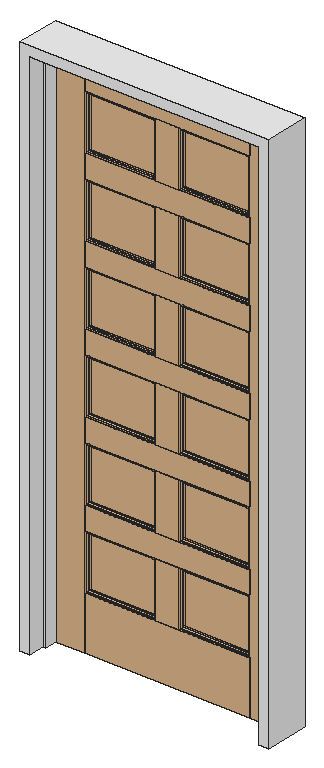
Revit family
Parameters (values of type "1 3/4" Flat Panel")
  URL = "http://www.karonadoor.com"
  Thickness Note = "Do not edit thickness."  # constant formula
  Thickness = 1.774"
  Swing Angle 2D = 90.00°
  SmartBIM Object Version = 1  # constant formula
  SmartBIM Object Created By = "Reed Construction Data"  # constant formula
  Rough Width = 0.000"
  Rough Height = 1.750"
  Panel = Panel_K3220_Karona : 1 3/4" - Flat Panel
  Model = "K3220 Ogee"  # constant formula
  Manufacturer = "Karona , Inc."  # constant formula
  Detail Door Thickness = 1.750"
  Assembly Code = ""
  Top Rail Height = 5.000"
  Top Rail = Wood, Cherry - Grain Horizontal
  Stile Width = 5.063"
  Stile = Wood, Cherry - Grain Vertical
  Sticking = Wood, Cherry - Grain Vertical
  Middle Rail = Wood, Cherry - Grain Horizontal
  Height = 84.000"
  Wall Closure = (empty or 0)
  Width = 36.000"
  Frame = Metal
  Bottom Rail Height = 8.500"
  Bottom Rail = Wood, Cherry - Grain Horizontal
  95 CSI = "08210"  # constant formula
  04 CSI = "08 14 33"  # constant formula
Types (9): name | Thickness | Rough Height | Panel | Detail Door Thickness
  1 3/4" Flat Panel | 1.774" | 1.750" | Panel_K3220_Karona : 1 3/4" - Flat Panel | 1.750"
  1 3/8" Flat Panel | 1.334" | 0.000" | Panel_K3220_Karona : 1 3/8" - Flat Panel | 1.375"
  2 1/4" Flat Panel | 2.250" | 0.000" | Panel_K3220_Karona : 2 1/4" - Flat Panel | 2.250"
  1 3/4" Glass Panel | 1.774" | 1.750" | Panel_K3220_Karona : 1 3/4" - Glass Panel | 1.750"
  1 3/8" Glass Panel | 1.334" | 0.000" | Panel_K3220_Karona : 1 3/8" - Glass Panel | 1.375"
  2 1/4" Glass Panel | 2.250" | 0.000" | Panel_K3220_Karona : 2 1/4" - Glass Panel | 2.250"
  1 3/4" Raised Panel | 1.774" | 1.750" | Panel_K3220_Karona : 1 3/4" - Raised Panel | 1.774"
  1 3/8" Raised Panel | 1.334" | 0.000" | Panel_K3220_Karona : 1 3/8" - Raised Panel | 1.375"
  2 1/4" Raised Panel | 2.250" | 0.000" | Panel_K3220_Karona : 2 1/4" - Raised Panel | 2.250"
Reference planes (in)
  plane 1 "Center (Front/Back)": y = 0
  plane 2 "Center (Left/Right)": x = 0
  plane 3 "Left": x = -18
  plane 4 "Right": x = 18
  plane 5 "Top": z = 84
  plane 6 "Exterior Edge of Frame": y = 3.5
  plane 7 "Interior Edge of Frame": y = -3.5
  plane 8: y = 1
  plane 9: y = -1
  plane 10 "Opening Left": x = -19.5
  plane 11 "Opening Right": x = 19.5
  plane 12 "Top of Opening": z = 85.5
  plane 13: x = -17.5
Forms (in)
  Sweep 1, solid, material "Metal" <- "Frame"
    path origin (0, 0, 0) x (1, 0, 0) y (0, 0, 1)
      loop
        line (-19.5, 0) -> (-19.5, 85.5) -> (19.5, 85.5) -> (19.5, 0)
    profile origin (-19.5, 0, 42.75) x (-1, 0, 0) y (0, -1, 0)
      loop
        line (0, -3.5) -> (0, 3.5) -> (-1.5, 3.5) -> (-1.5, 1) -> (-2, 1) -> (-2, -1) -> (-1.5, -1) -> (-1.5, -3.5) -> (0, -3.5)
Lines and regions (in)
  Opening 1
    outline origin (-90, -3, 0) x (1, 0, 0) y (0, 0, 1)
      loop
        line (70.5, 0) -> (109.5, 0) -> (109.5, 85.5) -> (70.5, 85.5) -> (70.5, 0)
  symbolic lines, style "Elevation Swing"
    curve 1: line (18, 3, 0) -> (-18, 3, 42)
    curve 2: line (-18, 3, 42) -> (18, 3, 84)
Text (in)
  text "Exterior" at (-46.13199, 20.20143, 0), in view "Ref. Level"
  text "Interior" at (-46.13199, -10.56751, 0), in view "Ref. Level"
  text "Exterior" at (0, 40.15149, 123.01588), in view "Right"
  text "Interior" at (0, -64.39139, 123.01588), in view "Right"
  text "Interior" at (0, -31.01599, 123.00693), in view "Left"
  text "Exterior" at (0, 54.57065, 123.00693), in view "Left"
Dimensions and locks (in)
  "Height": level to plane 5 "Top"
  "Width": plane 3 "Left" to plane 4 "Right"
  equal spacing: host wall, curve 2, plane 5 "Top"
  locked: host wall to plane 7 "Interior Edge of Frame" at 0.5
  locked: plane 6 "Exterior Edge of Frame" to host wall at 0.5
  locked: plane 9 to plane 7 "Interior Edge of Frame" at 2.5
  locked: plane 6 "Exterior Edge of Frame" to plane 8 at 2.5
  equal spacing: plane 3 "Left", plane 2 "Center (Left/Right)", plane 4 "Right"
  locked: plane 4 "Right" to plane 11 "Opening Right" at 1.5
  locked: plane 5 "Top" to plane 12 "Top of Opening" at 1.5
  locked: plane 3 "Left" to plane 13 at 0.5
  locked: plane 10 "Opening Left" to plane 3 "Left" at 1.5
  aligned and locked: Opening 1 sketch curve to level
  aligned and locked: plane 4 "Right" to curve 1
  aligned and locked: plane 3 "Left" to curve 1
  aligned and locked: plane 5 "Top" to curve 2
  aligned and locked: Opening 1 sketch curve to plane 11 "Opening Right"
  aligned and locked: plane 12 "Top of Opening" to Opening 1 sketch curve
  aligned and locked: Opening 1 sketch curve to plane 10 "Opening Left"
  aligned and locked: plane 10 "Opening Left" to Sweep 1 sketch curve
  aligned and locked: plane 12 "Top of Opening" to Sweep 1 sketch curve
  aligned and locked: plane 11 "Opening Right" to Sweep 1 sketch curve
  aligned and locked: level to Sweep 1 sketch curve  (x2)
  aligned and locked: Sweep 1 sketch curve to plane 10 "Opening Left"
  aligned and locked: Sweep 1 sketch curve to plane 6 "Exterior Edge of Frame"
  aligned and locked: Sweep 1 sketch curve to plane 7 "Interior Edge of Frame"
  aligned and locked: Sweep 1 sketch curve to plane 8
  aligned and locked: Sweep 1 sketch curve to plane 9
  aligned and locked: plane 13 to Sweep 1 sketch curve
  aligned and locked: plane 3 "Left" to Sweep 1 sketch curve  (x2)
  aligned and locked: nested 1 to plane 3 "Left"
  aligned and locked: nested 1 to plane 8
  aligned and locked: plane 2 "Center (Left/Right)" to nested 2
  aligned and locked: nested 2 to plane 8
Automatic sketch dimensions
  curve 1 to level = 0.000"
  curve 2 to plane 4 "Right" = 0.000"
Nested families (in)
  nested 1: "Door Panel Plan View" at (-31.5, 1, 0) x (-1, 0, 0) z (0, 0, 1), type "Door Panel Plan View"
    with Thickness 1.750", Height 84.000"
  nested 2: "Panel_K3220_Karona" at (13.5, 0.6575, 0), type <- "Panel", type "1 3/4" - Flat Panel"
    with Top Panel Offset 9.36458", Panel Height 8.72917", Height 84.000", Half Panel Height 4.36458", Cross Rail and Panel Spacing Start 6.17708", Cross Rail Panel Height 12.35417"
Definition of nested family "Panel_K3220_Karona"
  Parameters (values of type "1 3/4" - Raised Panel")
    Width = 48.000"
    Top Rail Material = Wood, Cherry - Grain Horizontal
    Top Rail Height = 5.000"
    Top Panel Offset = Top Rail Height + Half Panel Height  # 9.86458"
    Thickness Note = "Do not change door thickness"  # constant formula
    Thickness = 1.774"
    Stile Width = 5.069"
    Stile Material = Wood, Cherry - Grain Vertical
    Sticking Material = Wood, Cherry - Grain Vertical
    Panel Width = (Width - (2 * Stile Width) - (1 * Mullion Width)) / 2  # 17.1185"
    Panel Height = (Height - (Bottom Rail Height + Top Rail Height) - (5 * 3.625")) / 6  # 9.72917"
    Panel = Glass-Sticking-Assembly-Ogee_Karona : Raised Panel
    Mullion Width = 3.625"  # constant formula
    Interior Panel = Wood, Cherry - Grain Vertical
    Height = 90.000"
    Half Panel Width = 0.5 * Panel Width  # 8.55925"
    Half Panel Height = 0.5 * Panel Height  # 4.86458"
    Exterior Edge - Glass Bottom Offset = if(Thickness = 1.774", 0.567", if(Thickness = 2.250", 0.803", 0.469"))  # 0.567"
    Door Panel Material = Wood, Cherry - Grain Vertical
    Default Elevation = 0.000"  # constant formula
    Cross Rail and Panel Spacing Start = Half Panel Height + 0.5 * (3.625")  # 6.67708"
    Cross Rail Panel Height = Panel Height + 3.625"  # 13.35417"
    Bottom Rail Material = Wood, Cherry - Grain Horizontal
    Bottom Rail Height = 8.500"
    Assembly Code = ""
  Types (9): name | Width | Top Panel Offset | Thickness | Stile Width | Panel Width | Panel Height | Panel | Interior Panel | Height | Half Panel Width | Half Panel Height | Exterior Edge - Glass Bottom Offset | Cross Rail and Panel Spacing Start | Cross Rail Panel Height
    2 1/4" - Flat Panel | 36.000" | 9.03125" | 1.774" | 5.063" | 11.1245" | 8.0625" | Glass-Sticking-Assembly-Ogee_Karona : Flat Panel | Wood, Cherry - Grain Vertical | 80.000" | 5.56225" | 4.03125" | 0.567" | 5.84375" | 11.6875"
    2 1/4" - Glass Panel | 36.000" | 9.03125" | 2.250" | 5.063" | 11.1245" | 8.0625" | Glass-Sticking-Assembly-Ogee_Karona : Glass Panel | Glass | 80.000" | 5.56225" | 4.03125" | 0.803" | 5.84375" | 11.6875"
    2 1/4" - Raised Panel | 36.000" | 9.03125" | 2.250" | 5.063" | 11.1245" | 8.0625" | Glass-Sticking-Assembly-Ogee_Karona : Raised Panel | Wood, Cherry - Grain Vertical | 80.000" | 5.56225" | 4.03125" | 0.803" | 5.84375" | 11.6875"
    1 3/4" - Raised Panel | 48.000" | 9.86458" | 1.774" | 5.069" | 17.1185" | 9.72917" | Glass-Sticking-Assembly-Ogee_Karona : Raised Panel | Wood, Cherry - Grain Vertical | 90.000" | 8.55925" | 4.86458" | 0.567" | 6.67708" | 13.35417"
    1 3/4" - Flat Panel | 36.000" | 9.03125" | 1.774" | 5.063" | 11.1245" | 8.0625" | Glass-Sticking-Assembly-Ogee_Karona : Flat Panel | Wood, Cherry - Grain Vertical | 80.000" | 5.56225" | 4.03125" | 0.567" | 5.84375" | 11.6875"
    1 3/4" - Glass Panel | 36.000" | 9.03125" | 1.774" | 5.063" | 11.1245" | 8.0625" | Glass-Sticking-Assembly-Ogee_Karona : Glass Panel | Glass | 80.000" | 5.56225" | 4.03125" | 0.567" | 5.84375" | 11.6875"
    1 3/8" - Raised Panel | 36.000" | 9.03125" | 1.334" | 5.063" | 11.1245" | 8.0625" | Glass-Sticking-Assembly-Ogee_Karona : Raised Panel | Wood, Cherry - Grain Vertical | 80.000" | 5.56225" | 4.03125" | 0.469" | 5.84375" | 11.6875"
    1 3/8" - Glass Panel | 36.000" | 9.03125" | 1.334" | 5.063" | 11.1245" | 8.0625" | Glass-Sticking-Assembly-Ogee_Karona : Glass Panel | Glass | 80.000" | 5.56225" | 4.03125" | 0.469" | 5.84375" | 11.6875"
    1 3/8" - Flat Panel | 36.000" | 9.03125" | 1.334" | 5.063" | 11.1245" | 8.0625" | Glass-Sticking-Assembly-Ogee_Karona : Flat Panel | Wood, Cherry - Grain Horizontal | 80.000" | 5.56225" | 4.03125" | 0.469" | 5.84375" | 11.6875"
  Reference planes (in)
    plane 1 "Center (Front/Back)": y = 1.2295
    plane 2: z = 0
    plane 3 "Center (Left/Right)": x = -13.5
    plane 4 "Left": x = -37.5
    plane 5: x = 10.5
    plane 6 "Inner Left": x = -32.431
    plane 7 "Inner Right": x = 5.431
    plane 8: z = 8.5
    plane 9 "Bottom Of Top Rail": z = 85
    plane 10 "Top": z = 90
    plane 11 "Interior Edge of Door": y = 2.1165
    plane 12: z = 85
    plane 13 "Exterior Edge of Door": y = 0.3425
    plane 14 "Bottom of Glass": y = 0.9095
    plane 15 "Left Panel Vertical Midline": x = -23.87175
    plane 16 "Right Panel Vertical Midline": x = -3.12825
    plane 17 "Center of Left Vertical Mullion": x = -18.68588
    plane 18 "Center of Right Vertical Mullion": x = -8.31413
    plane 19 "Horizontal Midline Panel 2": z = 66.78125
    plane 20 "Horizontal Midline Panel 3": z = 53.42708
    plane 21 "Horizontal Midline Panel 4": z = 40.07292
    plane 22 "Horizontal Midline Panel 5": z = 26.71875
    plane 23 "Cross Rail 3": z = 46.75
    plane 24 "Cross Rail 4": z = 33.39583
    plane 25 "Cross Rail Bottom": z = 20.04167
    plane 26 "Horizontal Midline Panel 6": z = 13.36458
    plane 27: z = 80.13542
    plane 28 "Cross Rail 2": z = 60.10417
    plane 29 "Cross Rail Top": z = 73.45833
  Forms (in)
    Extrusion 1, solid, material "Wood, Cherry - Grain Horizontal" <- "Bottom Rail Material"
      sketch origin (0, -101.3125, 0) x (1, 0, 0) y (0, 0, 1)
        loop
          line (-32.431, 0) -> (5.431, 0) -> (5.431, 8.5) -> (-32.431, 8.5) -> (-32.431, 0)
      from -103.429 to -101.655
    Extrusion 2, solid, material "Wood, Cherry - Grain Vertical" <- "Stile Material"
      sketch origin (0, 1.2295, 0) x (1, 0, 0) y (0, 0, 1)
        loop
          line (-37.5, 90) -> (-37.5, 0) -> (-32.431, 0) -> (-32.431, 90) -> (-37.5, 90)
        loop
          line (5.431, 0) -> (10.5, 0) -> (10.5, 90) -> (5.431, 90) -> (5.431, 0)
      from -0.887 to 0.887
    Extrusion 3, solid, material "Wood, Cherry - Grain Horizontal" <- "Top Rail Material"
      sketch origin (0, 1.2295, 0) x (1, 0, 0) y (0, 0, 1)
        loop
          line (-32.431, 90) -> (-32.431, 85) -> (5.431, 85) -> (5.431, 90) -> (-32.431, 90)
      from -0.887 to 0.887
    Extrusion 4, solid, material "Wood, Cherry - Grain Vertical" <- "Stile Material"
      sketch origin (0, 1.2295, 0) x (1, 0, 0) y (0, 0, 1)
        loop
          line (-15.3125, 8.5) -> (-11.6875, 8.5) -> (-11.6875, 18.22867) -> (-15.3125, 18.22867) -> (-15.3125, 8.5)
        loop
          line (-15.3125, 85) -> (-15.3125, 75.27133) -> (-11.6875, 75.27133) -> (-11.6875, 85) -> (-15.3125, 85)
        loop
          line (-15.3125, 61.91717) -> (-11.6875, 61.91717) -> (-11.6875, 71.64533) -> (-15.3125, 71.64533) -> (-15.3125, 61.91717)
        loop
          line (-15.3125, 48.563) -> (-11.6875, 48.563) -> (-11.6875, 58.29117) -> (-15.3125, 58.29117) -> (-15.3125, 48.563)
        loop
          line (-15.3125, 35.20883) -> (-11.6875, 35.20883) -> (-11.6875, 44.937) -> (-15.3125, 44.937) -> (-15.3125, 35.20883)
        loop
          line (-15.3125, 21.85467) -> (-11.6875, 21.85467) -> (-11.6875, 31.58283) -> (-15.3125, 31.58283) -> (-15.3125, 21.85467)
      from -0.887 to 0.887
    Extrusion 5, solid, material "Wood, Cherry - Grain Horizontal" <- "Top Rail Material"
      sketch origin (0, 1.2295, 0) x (1, 0, 0) y (0, 0, 1)
        loop
          line (-32.431, 75.27133) -> (-32.431, 71.64533) -> (5.431, 71.64533) -> (5.431, 75.27133) -> (-32.431, 75.27133)
        loop
          line (5.431, 18.22867) -> (5.431, 21.85467) -> (-32.431, 21.85467) -> (-32.431, 18.22867) -> (5.431, 18.22867)
        loop
          line (5.431, 31.58283) -> (5.431, 35.20883) -> (-32.431, 35.20883) -> (-32.431, 31.58283) -> (5.431, 31.58283)
        loop
          line (5.431, 44.937) -> (5.431, 48.563) -> (-32.431, 48.563) -> (-32.431, 44.937) -> (5.431, 44.937)
        loop
          line (5.431, 58.29117) -> (5.431, 61.91717) -> (-32.431, 61.91717) -> (-32.431, 58.29117) -> (5.431, 58.29117)
      from -0.887 to 0.887
  Text (in)
    text "EXTERIOR" at (-34.59289, -1.27941, 0), in view "Ref. Level"
    text "EXTERIOR" at (0, -9.65287, 72.76687), in view "Left"
    text "EXTERIOR" at (0, -33.33473, 96.68074), in view "Right"
  Dimensions and locks (in)
    equal spacing: plane 4 "Left", plane 3 "Center (Left/Right)", plane 5
    "Width": plane 4 "Left" to plane 5
    "Stile Width": plane 4 "Left" to plane 6 "Inner Left"
    "Stile Width": plane 5 to plane 7 "Inner Right"
    "Bottom Rail Height": plane 8 to plane 2
    "Top Rail Height": plane 10 "Top" to plane 9 "Bottom Of Top Rail"
    "Height": plane 10 "Top" to plane 2
    equal spacing: plane 11 "Interior Edge of Door", plane 1 "Center (Front/Back)", plane 13 "Exterior Edge of Door"
    "Thickness": plane 11 "Interior Edge of Door" to plane 13 "Exterior Edge of Door"
    "Exterior Edge - Glass Bottom Offset": plane 14 "Bottom of Glass" to plane 13 "Exterior Edge of Door"
    "Exterior Edge - Glass Bottom Offset": plane 13 "Exterior Edge of Door" to plane 14 "Bottom of Glass"
    "Half Panel Width": plane 15 "Left Panel Vertical Midline" to plane 6 "Inner Left"
    "Half Panel Width": plane 7 "Inner Right" to plane 16 "Right Panel Vertical Midline"
    equal spacing: plane 3 "Center (Left/Right)", plane 17 "Center of Left Vertical Mullion", plane 15 "Left Panel Vertical Midline"
    equal spacing: plane 16 "Right Panel Vertical Midline", plane 18 "Center of Right Vertical Mullion", plane 3 "Center (Left/Right)"
    "Half Panel Height": plane 26 "Horizontal Midline Panel 6" to plane 8
    "Cross Rail and Panel Spacing Start": plane 25 "Cross Rail Bottom" to plane 26 "Horizontal Midline Panel 6"
    "Cross Rail Panel Height": plane 24 "Cross Rail 4" to plane 25 "Cross Rail Bottom"
    "Cross Rail Panel Height": plane 23 "Cross Rail 3" to plane 24 "Cross Rail 4"
    "Cross Rail Panel Height": plane 28 "Cross Rail 2" to plane 23 "Cross Rail 3"
    "Cross Rail Panel Height": plane 29 "Cross Rail Top" to plane 28 "Cross Rail 2"
    equal spacing: Extrusion 5 sketch curve, plane 29 "Cross Rail Top", Extrusion 5 sketch curve
    equal spacing: Extrusion 5 sketch curve, plane 28 "Cross Rail 2", Extrusion 5 sketch curve
    equal spacing: Extrusion 5 sketch curve, plane 23 "Cross Rail 3", Extrusion 5 sketch curve
    equal spacing: Extrusion 5 sketch curve, plane 24 "Cross Rail 4", Extrusion 5 sketch curve
    equal spacing: Extrusion 5 sketch curve, plane 25 "Cross Rail Bottom", Extrusion 5 sketch curve
    locked: Extrusion 5 sketch curve to Extrusion 5 sketch curve at 3.626  (x5)
    equal spacing: plane 24 "Cross Rail 4", plane 22 "Horizontal Midline Panel 5", plane 25 "Cross Rail Bottom"
    equal spacing: plane 23 "Cross Rail 3", plane 21 "Horizontal Midline Panel 4", plane 24 "Cross Rail 4"
    equal spacing: plane 28 "Cross Rail 2", plane 20 "Horizontal Midline Panel 3", plane 23 "Cross Rail 3"
    equal spacing: plane 29 "Cross Rail Top", plane 19 "Horizontal Midline Panel 2", plane 28 "Cross Rail 2"
    "Cross Rail and Panel Spacing Start": plane 27 to plane 29 "Cross Rail Top"
    locked: Extrusion 4 sketch curve to Extrusion 4 sketch curve at 3.625
    aligned and locked: Extrusion 1 to plane 2
    aligned and locked: plane 11 "Interior Edge of Door" to Extrusion 1
    aligned and locked: plane 4 "Left" to Extrusion 2 sketch curve
    aligned and locked: Extrusion 2 sketch curve to plane 10 "Top"
    aligned and locked: Extrusion 2 sketch curve to Extrusion 1  (x3)
    aligned and locked: Extrusion 1 to Extrusion 2 sketch curve
    aligned and locked: plane 10 "Top" to Extrusion 2 sketch curve
    aligned and locked: plane 5 to Extrusion 2 sketch curve
    aligned and locked: plane 11 "Interior Edge of Door" to Extrusion 2
    aligned and locked: Extrusion 2 to Extrusion 3 sketch curve
    aligned and locked: Extrusion 3 sketch curve to Extrusion 2
    aligned and locked: plane 11 "Interior Edge of Door" to Extrusion 3
    aligned and locked: plane 12 to plane 9 "Bottom Of Top Rail"
    aligned and locked: level to plane 2
    aligned and locked: Extrusion 3 to plane 13 "Exterior Edge of Door"
    aligned and locked: Extrusion 3 to plane 11 "Interior Edge of Door"
    aligned and locked: Extrusion 2 to plane 13 "Exterior Edge of Door"
    aligned and locked: Extrusion 3 to plane 12
    aligned and locked: Extrusion 1 to Extrusion 2
    aligned and locked: nested 1 to plane 1 "Center (Front/Back)"
    aligned and locked: nested 1 to plane 15 "Left Panel Vertical Midline"
    aligned and locked: nested 2 to plane 1 "Center (Front/Back)"
    aligned and locked: nested 2 to plane 16 "Right Panel Vertical Midline"
    aligned and locked: Extrusion 4 sketch curve to plane 12
    aligned and locked: Extrusion 4 sketch curve to plane 8
    aligned and locked: plane 11 "Interior Edge of Door" to Extrusion 4
    aligned and locked: Extrusion 4 to plane 13 "Exterior Edge of Door"
    aligned and locked: Extrusion 5 sketch curve to plane 6 "Inner Left"
    aligned and locked: Extrusion 5 sketch curve to plane 7 "Inner Right"
    aligned and locked: plane 11 "Interior Edge of Door" to Extrusion 5
    aligned and locked: Extrusion 5 to plane 13 "Exterior Edge of Door"
    aligned and locked: plane 26 "Horizontal Midline Panel 6" to nested 1
    aligned and locked: plane 27 to nested 3
    aligned and locked: plane 15 "Left Panel Vertical Midline" to nested 3
    aligned and locked: plane 27 to nested 4
    aligned and locked: plane 16 "Right Panel Vertical Midline" to nested 4
    aligned and locked: plane 19 "Horizontal Midline Panel 2" to nested 11
    aligned and locked: plane 19 "Horizontal Midline Panel 2" to nested 12
    aligned and locked: plane 16 "Right Panel Vertical Midline" to nested 12
    aligned and locked: plane 16 "Right Panel Vertical Midline" to nested 10
    aligned and locked: plane 16 "Right Panel Vertical Midline" to nested 8
    aligned and locked: plane 16 "Right Panel Vertical Midline" to nested 6
    aligned and locked: plane 20 "Horizontal Midline Panel 3" to nested 10
    aligned and locked: plane 20 "Horizontal Midline Panel 3" to nested 9
    aligned and locked: plane 21 "Horizontal Midline Panel 4" to nested 7
    aligned and locked: plane 21 "Horizontal Midline Panel 4" to nested 8
    aligned and locked: plane 22 "Horizontal Midline Panel 5" to nested 5
    aligned and locked: plane 22 "Horizontal Midline Panel 5" to nested 6
    aligned and locked: plane 15 "Left Panel Vertical Midline" to nested 11
    aligned and locked: plane 15 "Left Panel Vertical Midline" to nested 9
    aligned and locked: plane 15 "Left Panel Vertical Midline" to nested 7
    aligned and locked: plane 15 "Left Panel Vertical Midline" to nested 5
    aligned and locked: plane 26 "Horizontal Midline Panel 6" to nested 2
  Automatic sketch dimensions
    Extrusion 1 sketch curve to plane 6 "Inner Left" = 0.000"
    Extrusion 1 sketch curve to plane 7 "Inner Right" = 0.000"
    Extrusion 1 sketch curve to level = 0.000"
    Extrusion 1 sketch curve to plane 8 = 0.000"
    Extrusion 3 sketch curve to plane 7 "Inner Right" = 0.000"
    plane 9 "Bottom Of Top Rail" to Extrusion 3 sketch curve = 0.000"
    Extrusion 5 sketch curve to plane 7 "Inner Right" = 0.000"  (x4)
    Extrusion 5 sketch curve to plane 6 "Inner Left" = 0.000"  (x4)
    plane 24 "Cross Rail 4" to Extrusion 4 sketch curve = 1.813"
    Extrusion 4 sketch curve to plane 23 "Cross Rail 3" = 1.813"
    plane 23 "Cross Rail 3" to Extrusion 4 sketch curve = 1.813"
    plane 28 "Cross Rail 2" to Extrusion 4 sketch curve = 1.813"
    plane 29 "Cross Rail Top" to Extrusion 4 sketch curve = 1.813"
    Extrusion 4 sketch curve to plane 28 "Cross Rail 2" = 1.813"
    plane 25 "Cross Rail Bottom" to Extrusion 4 sketch curve = 1.813"
    Extrusion 4 sketch curve to plane 25 "Cross Rail Bottom" = 1.813"
    Extrusion 4 sketch curve to plane 24 "Cross Rail 4" = 1.813"
    Extrusion 4 sketch curve to plane 29 "Cross Rail Top" = 1.813"
    Extrusion 4 sketch curve to plane 3 "Center (Left/Right)" = 1.8125"  (x6)
    plane 3 "Center (Left/Right)" to Extrusion 4 sketch curve = 1.8125"  (x5)
  Nested families (in)
    nested 1: "Glass-Sticking-Assembly-Ogee_Karona" at (-24.3405, 1.38, 8.5), Width <- "Panel Width", Height <- "Panel Height", type <- "Panel", type "Raised Panel"
      with Width 17.1185", Height 9.72917", Door Thickness 1.774", C 0.131", B 0.567", A 0.128"
    nested 2: "Glass-Sticking-Assembly-Ogee_Karona" at (-3.597, 1.38, 8.5), Width <- "Panel Width", Height <- "Panel Height", type <- "Panel", type "Raised Panel"
      with Width 17.1185", Height 9.72917", Door Thickness 1.774", C 0.131", B 0.567", A 0.128"
    nested 3: "Glass-Sticking-Assembly-Ogee_Karona" at (-24.3405, 1.382, 75.27083), Width <- "Panel Width", Height <- "Panel Height", type <- "Panel", type "Raised Panel"
      with Width 17.1185", Height 9.72917", Door Thickness 1.774", C 0.131", B 0.567", A 0.128"
    nested 4: "Glass-Sticking-Assembly-Ogee_Karona" at (-3.597, 1.382, 75.27083), Width <- "Panel Width", Height <- "Panel Height", type <- "Panel", type "Raised Panel"
      with Width 17.1185", Height 9.72917", Door Thickness 1.774", C 0.131", B 0.567", A 0.128"
    nested 5: "Glass-Sticking-Assembly-Ogee_Karona" at (-24.3405, 1.3804, 21.85417), Width <- "Panel Width", Height <- "Panel Height", type <- "Panel", type "Raised Panel"
      with Width 17.1185", Height 9.72917", Door Thickness 1.774", C 0.131", B 0.567", A 0.128"
    nested 6: "Glass-Sticking-Assembly-Ogee_Karona" at (-3.597, 1.3804, 21.85417), Width <- "Panel Width", Height <- "Panel Height", type <- "Panel", type "Raised Panel"
      with Width 17.1185", Height 9.72917", Door Thickness 1.774", C 0.131", B 0.567", A 0.128"
    nested 7: "Glass-Sticking-Assembly-Ogee_Karona" at (-24.3405, 1.3808, 35.20833), Width <- "Panel Width", Height <- "Panel Height", type <- "Panel", type "Raised Panel"
      with Width 17.1185", Height 9.72917", Door Thickness 1.774", C 0.131", B 0.567", A 0.128"
    nested 8: "Glass-Sticking-Assembly-Ogee_Karona" at (-3.597, 1.3808, 35.20833), Width <- "Panel Width", Height <- "Panel Height", type <- "Panel", type "Raised Panel"
      with Width 17.1185", Height 9.72917", Door Thickness 1.774", C 0.131", B 0.567", A 0.128"
    nested 9: "Glass-Sticking-Assembly-Ogee_Karona" at (-24.3405, 1.3812, 48.5625), Width <- "Panel Width", Height <- "Panel Height", type <- "Panel", type "Raised Panel"
      with Width 17.1185", Height 9.72917", Door Thickness 1.774", C 0.131", B 0.567", A 0.128"
    nested 10: "Glass-Sticking-Assembly-Ogee_Karona" at (-3.597, 1.3812, 48.5625), Width <- "Panel Width", Height <- "Panel Height", type <- "Panel", type "Raised Panel"
      with Width 17.1185", Height 9.72917", Door Thickness 1.774", C 0.131", B 0.567", A 0.128"
    nested 11: "Glass-Sticking-Assembly-Ogee_Karona" at (-24.3405, 1.3816, 61.91667), Width <- "Panel Width", Height <- "Panel Height", type <- "Panel", type "Raised Panel"
      with Width 17.1185", Height 9.72917", Door Thickness 1.774", C 0.131", B 0.567", A 0.128"
    nested 12: "Glass-Sticking-Assembly-Ogee_Karona" at (-3.597, 1.3816, 61.91667), Width <- "Panel Width", Height <- "Panel Height", type <- "Panel", type "Raised Panel"
      with Width 17.1185", Height 9.72917", Door Thickness 1.774", C 0.131", B 0.567", A 0.128"
  Definition of nested family "Glass-Sticking-Assembly-Ogee_Karona"
    Parameters (values of type "Glass Panel")
      Width [instance] = 5.000"
      Vertical Profile Offset = if(Glass Panel, 0.490", 0.100")  # 0.490"
      Stop Adjustment = if(and(not(Glass Panel), Door Thickness = 1.774"), 0.513", if(and(not(Glass Panel), Door Thickness = 2.250"), 0.513", if((Glass Panel), 0.125", 0.273")))  # 0.125"
      Profile = Wood, Cherry - Grain Vertical
      Height [instance] = 23.000"
      Raised Panel = no
      Interior Panel = Glass
      Glass Panel = yes
      Door Thickness = 1.334"
      C = if(Door Thickness = 1.774", 0.131", if(Door Thickness = 2.250", 0.370", 0.093"))  # 0.093"
      B = if(Door Thickness = 1.774", 0.567", if(Door Thickness = 2.250", 0.803", 0.469"))  # 0.469"
      Assembly Code = ""
      A = if(Door Thickness = 1.774", 0.128", if(Door Thickness = 2.250", 0.364", 0.095"))  # 0.095"
    Types (3): name | Width | Vertical Profile Offset | Stop Adjustment | Raised Panel | Interior Panel | Glass Panel | Door Thickness | C | B | A
      Glass Panel | 5.000" | 0.490" | 0.125" | no | Glass | yes | 1.334" | 0.093" | 0.469" | 0.095"
      Flat Panel | 4.500" | 0.100" | 0.513" | no | Wood, Cherry - Grain Vertical | no | 2.250" | 0.370" | 0.803" | 0.364"
      Raised Panel | 4.000" | 0.100" | 0.513" | yes | Wood, Cherry - Grain Vertical | no | 2.250" | 0.370" | 0.803" | 0.364"
    Reference planes (in)
      plane 1 "Stop Adjustment Edge": y = -0.3455
      plane 2: z = 0
      plane 3 "Center (Left/Right)": x = 0.46875
      plane 4 "Back": y = 0.3945
      plane 5 "Front": y = -0.9395
      plane 6 "Left": x = -2.03125
      plane 7 "Right": x = 2.96875
      plane 8 "Top": z = 23
      plane 9 "Center (Up/Down)": z = 11.5
      plane 10 "Bottom of Stop": y = -0.2205
      plane 11 "Bottom of Glass": y = -0.4705
      plane 12 "Right Edge of Glass": x = 2.91875
      plane 13 "Left Edge of Glass": x = -1.98125
      plane 14 "Top Edge of Glass": z = 22.90625
      plane 15 "Bottom Edge of Glass": z = 0.09375
      plane 16: x = 2.84375
      plane 17 "A": y = -0.8445
      plane 18 "C": y = 0.3015
      plane 19 "Bottom Cut Line": z = 0.438
      plane 20 "Top Cut Line": z = 22.562
      plane 21 "Cut Vertical Left": x = -1.59325
      plane 22 "Cut Vertical": x = 2.53075
      plane 23 "Center (Front/Back)": y = -0.2725
    Forms (in)
      Sweep 1, solid, material "Wood, Cherry - Grain Vertical" <- "Profile"
        path origin (0, -0.3455, 0) x (1, 0, 0) y (0, 0, 1)
          loop
            line (2.96875, 23) -> (-2.03125, 23) -> (-2.03125, 0) -> (2.96875, 0) -> (2.96875, 23)
        profile origin (2.96875, -0.3455, 11.5) x (0, -1, 0) y (1, 0, 0)
          loop
            line (-0.647, 0) -> (-0.647, -0.438) -> (-0.125, -0.438) -> (-0.125, -0.05) -> (0.125, -0.05) -> (0.125, -0.438) -> (0.499, -0.438) -> (0.499, 0) -> (-0.647, 0)
      Extrusion 2, solid, material "Glass" <- "Interior Panel"
        sketch origin (0, 0, 0) x (1, 0, 0) y (0, 1, 0)
          loop
            line (-1.98125, -0.2205) -> (-1.98125, -0.4705) -> (2.91875, -0.4705) -> (2.91875, -0.2205) -> (-1.98125, -0.2205)
        from 0.09375 to 22.90625
      Extrusion 3, solid, material "Wood, Cherry - Grain Vertical" <- "Profile", visible <- "Raised Panel"
        sketch origin (0, 0, 0) x (1, 0, 0) y (0, 1, 0)
          loop
            line (2.53075, 0.3015) -> (-1.59325, 0.3015) -> (-1.59325, -0.2205) -> (2.53075, -0.2205) -> (2.53075, 0.3015)
          loop
            line (-1.59325, -0.4705) -> (-1.59325, -0.8445) -> (2.53075, -0.8445) -> (2.53075, -0.4705) -> (-1.59325, -0.4705)
        from 0.438 to 22.562
      Sweep 4, void
        path origin (0, -0.2205, 0) x (-1, 0, 0) y (0, 0, 1)
          loop
            line (2.03125, 0) -> (2.03125, 23) -> (-2.96875, 23) -> (-2.96875, 0) -> (2.03125, 0)
        profile "Profile : 05" origin (-2.03125, -0.2205, 11.5) x (1, 0, 0) y (0, 1, 0)
          loop
            line (0, 0.49) -> (0.36169, 0.49096)
            arc (0.36169, 0.49096) -> (1.01257, 0.57642) -> (1.61934, 0.827) r 2.52143
            line (1.61934, 0.827) -> (0, 0.827) -> (0, 0.49)
      Sweep 5, void
        path origin (0, -0.4705, 0) x (-1, 0, 0) y (0, 0, 1)
          loop
            line (-2.96875, 23) -> (-2.96875, 0) -> (2.03125, 0) -> (2.03125, 23) -> (-2.96875, 23)
        profile "Profile : 05" origin (2.96875, -0.4705, 11.5) x (-1, 0, 0) y (0, 1, 0)
          loop
            line (0, -0.102) -> (0, -0.439) -> (1.61934, -0.439)
            arc (1.61934, -0.439) -> (1.01257, -0.18842) -> (0.36169, -0.10296) r 2.52143
            line (0.36169, -0.10296) -> (0, -0.102)
      Sweep 6, void
        path origin (0, 0.3015, 0) x (1, 0, 0) y (0, 0, 1)
          loop
            line (-1.59325, 0.438) -> (2.53075, 0.438) -> (2.53075, 22.562) -> (-1.59325, 22.562) -> (-1.59325, 0.438)
        profile "QuarterCircleCut : QuarterCircleCut" origin (2.53075, 0.3015, 11.5) x (-1, 0, 0) y (0, -1, 0)
          loop
            arc (0.3196, 0) -> (0.182, 0.057) -> (0.125, 0.1946) r 0.1946
            line (0.125, 0.1946) -> (0.125, 0.27745) -> (0, 0.27745) -> (0, 0) -> (0.3196, 0)
      Sweep 7, void
        path origin (0, -0.8445, 0) x (1, 0, 0) y (0, 0, 1)
          loop
            line (-1.59325, 0.438) -> (2.53075, 0.438) -> (2.53075, 22.562) -> (-1.59325, 22.562) -> (-1.59325, 0.438)
        profile "QuarterCircleCut : QuarterCircleCut" origin (2.53075, -0.8445, 11.5) x (-1, 0, 0) y (0, -1, 0)
          loop
            line (0.3196, 0) -> (0, 0) -> (0, -0.27745) -> (0.125, -0.27745) -> (0.125, -0.1946)
            arc (0.125, -0.1946) -> (0.182, -0.057) -> (0.3196, 0) r 0.1946
    Cuts and joins
      Sweep 4, Sweep 5, Sweep 7 cuts Extrusion 3
      Sweep 6, Sweep 7 cuts Sweep 1
    Text (in)
      text "INTERIOR" at (-14.3788, 3.49864, 0), in view "Ref. Level"
    Dimensions and locks (in)
      equal spacing: plane 6 "Left", plane 3 "Center (Left/Right)", plane 7 "Right"
      "Width": plane 6 "Left" to plane 7 "Right"
      "Door Thickness": plane 4 "Back" to plane 5 "Front"
      "Height": plane 8 "Top" to plane 2
      equal spacing: plane 8 "Top", plane 9 "Center (Up/Down)", level
      locked: plane 1 "Stop Adjustment Edge" to plane 11 "Bottom of Glass" at 0.125
      "Stop Adjustment": plane 10 "Bottom of Stop" to plane 1 "Stop Adjustment Edge"
      locked: plane 12 "Right Edge of Glass" to plane 7 "Right" at 0.05
      locked: plane 8 "Top" to plane 14 "Top Edge of Glass" at 0.09375
      locked: plane 15 "Bottom Edge of Glass" to level at 0.09375
      locked: plane 6 "Left" to plane 13 "Left Edge of Glass" at 0.05
      "B": plane 5 "Front" to plane 11 "Bottom of Glass"
      locked: plane 16 to plane 7 "Right" at 0.125
      "A": plane 5 "Front" to plane 17 "A"
      "C": plane 18 "C" to plane 4 "Back"
      plane 4 "Back" to Sweep 1 = 0.615"
      locked: plane 19 "Bottom Cut Line" to level at 0.438
      locked: plane 8 "Top" to plane 20 "Top Cut Line" at 0.438
      locked: plane 6 "Left" to plane 21 "Cut Vertical Left" at 0.438
      locked: plane 22 "Cut Vertical" to plane 7 "Right" at 0.438
      equal spacing: plane 4 "Back", plane 23 "Center (Front/Back)", plane 5 "Front"
      aligned and locked: Sweep 1 sketch curve to plane 7 "Right"
      aligned and locked: Sweep 1 sketch curve to plane 8 "Top"
      aligned and locked: Sweep 1 sketch curve to plane 6 "Left"
      aligned and locked: Sweep 1 sketch curve to level
      aligned and locked: plane 10 "Bottom of Stop" to Sweep 1 sketch curve
      aligned and locked: plane 11 "Bottom of Glass" to Sweep 1 sketch curve
      aligned and locked: Extrusion 2 sketch curve to plane 13 "Left Edge of Glass"
      aligned and locked: Extrusion 2 sketch curve to plane 10 "Bottom of Stop"
      aligned and locked: Extrusion 2 sketch curve to plane 11 "Bottom of Glass"
      aligned and locked: Extrusion 2 sketch curve to plane 12 "Right Edge of Glass"
      aligned and locked: plane 14 "Top Edge of Glass" to Extrusion 2
      aligned and locked: Extrusion 2 to plane 15 "Bottom Edge of Glass"
      aligned and locked: Extrusion 3 sketch curve to plane 18 "C"
      aligned and locked: Extrusion 3 sketch curve to plane 10 "Bottom of Stop"
      aligned and locked: Extrusion 3 sketch curve to plane 11 "Bottom of Glass"
      aligned and locked: Extrusion 3 sketch curve to plane 17 "A"
      aligned and locked: Extrusion 3 to plane 19 "Bottom Cut Line"
      aligned and locked: Extrusion 3 to plane 20 "Top Cut Line"
      aligned and locked: plane 12 "Right Edge of Glass" to Sweep 1 sketch curve
      aligned and locked: plane 22 "Cut Vertical" to Extrusion 3 sketch curve  (x2)
      aligned and locked: Extrusion 3 sketch curve to plane 21 "Cut Vertical Left"  (x2)
      aligned and locked: plane 22 "Cut Vertical" to Sweep 1 sketch curve
      aligned and locked: Sweep 5 sketch curve to plane 6 "Left"
      aligned and locked: plane 8 "Top" to Sweep 5 sketch curve
      aligned and locked: Sweep 5 sketch curve to plane 7 "Right"
      aligned and locked: level to Sweep 5 sketch curve
      aligned and locked: Sweep 4 sketch curve to plane 7 "Right"
      aligned and locked: plane 8 "Top" to Sweep 4 sketch curve
      aligned and locked: Sweep 4 sketch curve to plane 6 "Left"
      aligned and locked: level to Sweep 4 sketch curve
      aligned and locked: plane 18 "C" to Sweep 1 sketch curve
      aligned and locked: Sweep 6 sketch curve to plane 21 "Cut Vertical Left"
      aligned and locked: plane 22 "Cut Vertical" to Sweep 6 sketch curve
      aligned and locked: Sweep 6 sketch curve to plane 19 "Bottom Cut Line"
      aligned and locked: plane 20 "Top Cut Line" to Sweep 6 sketch curve
      aligned and locked: Sweep 1 sketch curve to plane 22 "Cut Vertical"
      aligned and locked: plane 17 "A" to Sweep 1 sketch curve
      aligned and locked: Sweep 7 sketch curve to plane 21 "Cut Vertical Left"
      aligned and locked: plane 20 "Top Cut Line" to Sweep 7 sketch curve
      aligned and locked: plane 22 "Cut Vertical" to Sweep 7 sketch curve
      aligned and locked: Sweep 7 sketch curve to plane 19 "Bottom Cut Line"
    Automatic sketch dimensions
      Sweep 1 sketch curve to profile plane = 0.000"
Definition of nested family "Door Panel Plan View"
  Parameters (values of type "Door Panel Plan View")
    Width = 36.000"
    Thickness = 2.000"
    Swing Angle 2D = 90.00°
    Height = 0.000"
    Assembly Code = ""
  Reference planes (in)
    plane 1 "Center (Front/Back)": y = 0
    plane 2: z = 0
    plane 3 "Center (Left/Right)": x = -13.5
  Lines and regions (in)
    symbolic lines, style "DoorsPanelProjection"
      curve 1: line (-13.5, 0, 0) -> (-13.5, 36, 0)
      curve 2: line (-15.5, 0, 0) -> (-15.5, 36, 0)
      curve 3: line (-13.5, 0, 0) -> (-15.5, 0, 0)
      curve 4: line (-13.5, 36, 0) -> (-15.5, 36, 0)
    symbolic lines, style "Plan Swing"
      curve 5: arc (-13.5, 36, 0) -> (-38.95584, 25.45584, 0) -> (-49.5, 0, 0) r 36
  Dimensions and locks (in)
    "Width": curve 4 to curve 3
    "Thickness": curve 1 to curve 2
    "Swing Angle 2D": angle curve 1 to plane 1 "Center (Front/Back)"
    aligned and locked: plane 1 "Center (Front/Back)" to curve 5
  Automatic sketch dimensions
    curve 3 to plane 1 "Center (Front/Back)" = 0.000"
    curve 5 to plane 3 "Center (Left/Right)" = 0.000"
    curve 3 to plane 3 "Center (Left/Right)" = 0.000"
